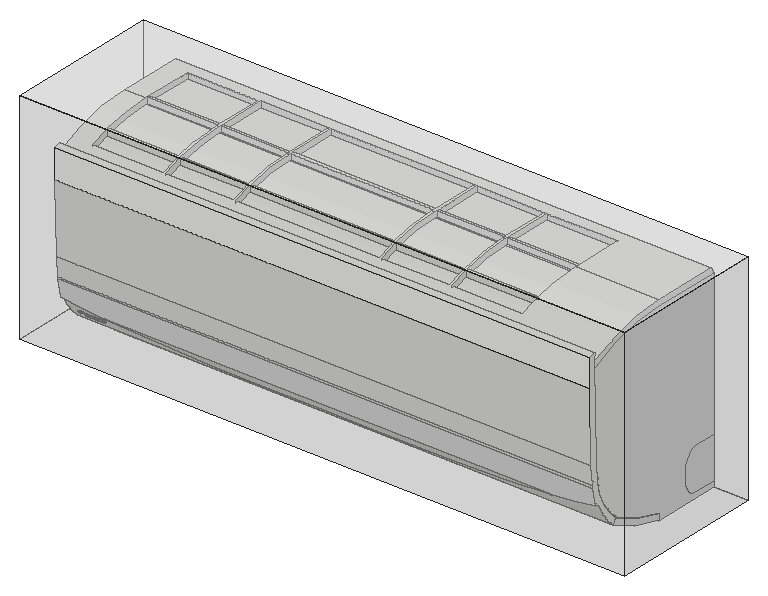
Revit family "outputfile", category 機械設備, Revit 2024
Family settings
  丸型コネクタ寸法 = 半径を使用
  パーツ タイプ = 標準
  OmniClass 番号 = 23.75.10.24.21.27.27
  OmniClass タイトル = Split System Air Conditioning Units
  作業面ベース = いいえ
  常に垂直 = はい
  ロード時にボイドで切り取り = いいえ
  注釈の向きを維持 = いいえ
  共有 = いいえ
  部屋計算ポイント = いいえ
Parameters (values of type "CTKC25WVMG")
  Description = ""
  書き出し IFC クラス(タイプ) = "IfcUnitaryEquipmentType"
  定義済み IFC タイプ(タイプ) = "AIRCONDITIONINGUNIT"
  Cost = 0
  Type Comments = ""
  Keynote = ""
  Type Image = (empty or 0)
  Assembly Code = ""
  w_wall hole = if(Width = 770.0 mm, 48.0 mm, 60.0 mm)  # 48.0 mm
  switch_frequency = yes
  h_liquidpipe_length = if(Width = 770.0 mm, 50.0 mm, 40.0 mm)  # 50.0 mm
  h_gaspipe_length = if(Width = 770.0 mm, 40.0 mm, 50.0 mm)  # 40.0 mm
  製造元 = "Daikin"
  モデル = "CTKC25WVMG"
  r_Liquid Pipe Size = Liquid Pipe Size / 2  # 3.2 mm
  r_Gas Pipe Size = Gas Pipe Size / 2  # 4.75 mm
  r_Drain Pipe Size = Drain Pipe Size / 2  # 8.0 mm
  lw_powersupply [instance] = if(Width = 770.0 mm, if(or(Rear Right Connection_refrigerant, Bottom Right Connection_refrigerant), 25.0 mm, if(or(Rear Left Connection_refrigerant, Bottom Left Connection_refrigerant), 745.0 mm, 400.0 mm)), if(Width = 990.0 mm, if(or(Rear Right Connection_refrigerant, Bottom Right Connection_refrigerant), 40.0 mm, if(or(Rear Left Connection_refrigerant, Bottom Left Connection_refrigerant), 920.0 mm, 400.0 mm)), if(or(Rear Right Connection_refrigerant, Bottom Right Connection_refrigerant), 40.0 mm, if(or(Rear Left Connection_refrigerant, Bottom Left Connection_refrigerant), 920.0 mm, 400.0 mm))))  # 400.0 mm
  lw_liquidpipe [instance] = if(Width = 770.0 mm, if(or(Rear Right Connection_refrigerant, Bottom Right Connection_refrigerant), 0.0 mm, if(or(Rear Left Connection_refrigerant, Bottom Left Connection_refrigerant), 664.0 mm, 385.0 mm)), if(Width = 990.0 mm, if(or(Rear Right Connection_refrigerant, Bottom Right Connection_refrigerant), 0.0 mm, if(or(Rear Left Connection_refrigerant, Bottom Left Connection_refrigerant), 664.0 mm + (990.0 mm - 770.0 mm), 475.0 mm)), if(or(Rear Right Connection_refrigerant, Bottom Right Connection_refrigerant), 0.0 mm, if(or(Rear Left Connection_refrigerant, Bottom Left Connection_refrigerant), 664.0 mm + (990.0 mm - 770.0 mm), 475.0 mm))))  # 385.0 mm
  lw_gaspipe [instance] = if(Width = 770.0 mm, if(or(Rear Right Connection_refrigerant, Bottom Right Connection_refrigerant), 0.0 mm, if(or(Rear Left Connection_refrigerant, Bottom Left Connection_refrigerant), 675.0 mm, if(Gas Pipe Size = 12.7 mm, 345.0 mm, 335.0 mm))), if(Width = 990.0 mm, if(or(Rear Right Connection_refrigerant, Bottom Right Connection_refrigerant), 10.0 mm, if(or(Rear Left Connection_refrigerant, Bottom Left Connection_refrigerant), 890.0 mm, if(Gas Pipe Size = 15.9 mm, 410.0 mm, 400.0 mm))), if(or(Rear Right Connection_refrigerant, Bottom Right Connection_refrigerant), 10.0 mm, if(or(Rear Left Connection_refrigerant, Bottom Left Connection_refrigerant), 890.0 mm, if(Gas Pipe Size = 15.9 mm, 410.0 mm, 400.0 mm)))))  # 335.0 mm
  lw_drainpipe [instance] = if(Width = 770.0 mm, if(or(Rear Right Connection_refrigerant, Bottom Right Connection_refrigerant), 0.0 mm, if(or(Rear Left Connection_refrigerant, Bottom Left Connection_refrigerant), 770.0 mm - 48.0 mm - 48.0 mm, 440.0 mm)), if(Width = 990.0 mm, if(or(Rear Right Connection_refrigerant, Bottom Right Connection_refrigerant), 0.0 mm, if(or(Rear Left Connection_refrigerant, Bottom Left Connection_refrigerant), 675.0 mm + (990.0 mm - 770.0 mm), 435.0 mm)), if(or(Rear Right Connection_refrigerant, Bottom Right Connection_refrigerant), 0.0 mm, if(or(Rear Left Connection_refrigerant, Bottom Left Connection_refrigerant), 675.0 mm + (990.0 mm - 770.0 mm), 435.0 mm))))  # 440.0 mm
  l_powersupply_length [instance] = if(Width = 770.0 mm, if(Right Connection_refrigerant, 400.0 mm, if(Left Connection_refrigerant, 770.0 mm - 400.0 mm, if(or(Rear Left Connection_refrigerant, Rear Right Connection_refrigerant), 15.0 mm, 50.0 mm))), if(Width = 990.0 mm, if(Right Connection_refrigerant, 400.0 mm, if(Left Connection_refrigerant, 990.0 mm - 400.0 mm, if(or(Rear Left Connection_refrigerant, Rear Right Connection_refrigerant), 15.0 mm, 50.0 mm))), if(Right Connection_refrigerant, 400.0 mm, if(Left Connection_refrigerant, 990.0 mm - 400.0 mm, if(or(Rear Left Connection_refrigerant, Rear Right Connection_refrigerant), 15.0 mm, 50.0 mm)))))  # 400.0 mm
  l_liquidpipe_length [instance] = if(Width = 770.0 mm, if(Right Connection_refrigerant, 433.0 mm, if(Left Connection_refrigerant, 337.0 mm, if(or(Rear Left Connection_refrigerant, Rear Right Connection_refrigerant), 30.0 mm, 50.0 mm))), if(Width = 990.0 mm, if(Right Connection_refrigerant, 535.0 mm, if(Left Connection_refrigerant, 455.0 mm, if(or(Rear Left Connection_refrigerant, Rear Right Connection_refrigerant), 30.0 mm, 40.0 mm))), if(Right Connection_refrigerant, 535.0 mm, if(Left Connection_refrigerant, 455.0 mm, if(or(Rear Left Connection_refrigerant, Rear Right Connection_refrigerant), 30.0 mm, 40.0 mm)))))  # 433.0 mm
  l_gaspipe_length [instance] = if(Width = 770.0 mm, if(Right Connection_refrigerant, if(Gas Pipe Size = 12.7 mm, 393.0 mm, 383.0 mm), if(Left Connection_refrigerant, if(Gas Pipe Size = 12.7 mm, 770.0 mm - 393.0 mm, 770.0 mm - 383.0 mm), if(or(Rear Left Connection_refrigerant, Rear Right Connection_refrigerant), 40.0 mm, 40.0 mm))), if(Width = 990.0 mm, if(Right Connection_refrigerant, if(Gas Pipe Size = 15.9 mm, 470.0 mm, 460.0 mm), if(Left Connection_refrigerant, if(Gas Pipe Size = 15.9 mm, 990.0 mm - 470.0 mm, 990.0 mm - 460.0 mm), if(or(Rear Left Connection_refrigerant, Rear Right Connection_refrigerant), 40.0 mm, 50.0 mm))), if(Right Connection_refrigerant, if(Gas Pipe Size = 15.9 mm, 470.0 mm, 460.0 mm), if(Left Connection_refrigerant, if(Gas Pipe Size = 15.9 mm, 990.0 mm - 470.0 mm, 990.0 mm - 460.0 mm), if(or(Rear Left Connection_refrigerant, Rear Right Connection_refrigerant), 40.0 mm, 50.0 mm)))))  # 383.0 mm
  l_drainpipe_length [instance] = if(Width = 770.0 mm, if(Right Connection_refrigerant, 488.0 mm, if(Left Connection_refrigerant, 282.0 mm, if(or(Rear Left Connection_refrigerant, Rear Right Connection_refrigerant), 15.0 mm, 20.0 mm))), if(Width = 990.0 mm, if(Right Connection_refrigerant, 495.0 mm, if(Left Connection_refrigerant, 495.0 mm, if(or(Rear Left Connection_refrigerant, Rear Right Connection_refrigerant), 15.0 mm, 20.0 mm))), if(Right Connection_refrigerant, 495.0 mm, if(Left Connection_refrigerant, 495.0 mm, if(or(Rear Left Connection_refrigerant, Rear Right Connection_refrigerant), 15.0 mm, 20.0 mm)))))  # 488.0 mm
  h*** = 0.0 mm  # constant formula
  connector_voltage = Voltage_50Hz  # 230 V
  connector_powerinput = [Power Input (Cooling)]  # 20.200 kW
  connector_phase = Phase_50Hz  # 1
  angle_vertical [instance] = if(or(Bottom Left Connection_refrigerant, Bottom Right Connection_refrigerant), 0.00°, 90.00°)  # 90.00°
  angle_horizontal [instance] = if(Right Connection_refrigerant, 90.00°, if(Left Connection_refrigerant, -90.00°, if(or(Rear Left Connection_refrigerant, Rear Right Connection_refrigerant), 180.00°, 0.00°)))  # 90.00°
  Width = 770.0 mm
  Voltage_comment_50Hz = "220 - 240"
  Voltage_50Hz = 230 V
  Version = "ver.1.0"
  Unit Type = "Wall Mounted"
  Unit Mass Weight = 9.00 kg
  Unit Designation [instance] = ""
  Uniclass2015Version = "Products v1.30"
  Uniclass2015Title = "Split coil room air conditioning units"
  Uniclass2015Code = "Pr_70_65_03_86"
  URL = ""
  Total Cooling Capacity [instance] = 0.000 kW
  Sound Pressure Level_M speed (dBA) = 33
  Sound Pressure Level_L speed (dBA) = 25
  Sound Pressure Level_H speed (dBA) = 38
  Sound Power Level_H speed (dB) = 0
  Series = "Multi Split_Fan Coil Unit"
  Sensible Cooling Capacity [instance] = 0.000 kW
  Refrigerant Type = "R32"
  Power Input (Cooling) = 20.200 kW
  Phase_50Hz = 1
  Option Accessory 3 [instance] = ""
  Option Accessory 2 [instance] = ""
  Option Accessory 1 [instance] = ""
  Nominal Cooling Capacity = 2.500 kW
  Minimum Circuit Amps_50Hz = 0.0 A
  Minimum Airflow = 396.00 m³/h
  Median Airflow = 540.00 m³/h
  Maximum Fuse Amps_50Hz = 0.0 A
  Maximum Airflow = 660.00 m³/h
  Material_Casing = DAIKIN_White_Casing_indoorunit
  Load Classification = HVAC
  Liquid Pipe Size = 6.4 mm
  Link_Nested Family [instance] = ""
  IfcVersion = ""
  IfcExportType = "AIRCONDITIONINGUNIT"
  IfcExportAs = "IfcUnitaryEquipmentType"
  Height = 285.0 mm
  Heat Exchanger Type = "Cross Fin Coil"
  Gas Pipe Size = 9.5 mm
  Frequency_50Hz = 50 Hz
  Fan Type = "Cross Flow Fan"
  Fan Drive = "Direct Drive"
  FCU Tag No. [instance] = ""
  Drain Pipe Size = 16.0 mm
  Design Supply Airflow [instance] = 0.00 m³/h
  Depth = 223.0 mm
  既定の高さ = 0.0 mm
  Cooling Entering Wet Bulb Temperature [instance] = 0.00 °C
  Cooling Entering Dry Bulb Temperature [instance] = 0.00 °C
  Cooling Ambient Wet Bulb Temperature [instance] = 0.00 °C
  Cooling Ambient Dry Bulb Temperature [instance] = 0.00 °C
  Clearance visibility [instance] = yes
  Clearance Top = 30.0 mm
  Clearance Right = 50.0 mm
  Clearance Rear = 0.0 mm
  Clearance Left = 50.0 mm
  Clearance Front = 0.0 mm
  Clearance Bottom = 0.0 mm
  Bottom Right Connection_refrigerant [instance] = no
  Bottom Left Connection_refrigerant [instance] = no
  Rear Right Connection_refrigerant [instance] = no
  Rear Left Connection_refrigerant [instance] = no
  Right Connection_refrigerant [instance] = yes
  Left Connection_refrigerant [instance] = no
Reference planes
  plane 1 "Back": y = 0
  plane 2: z = 0
  plane 3 "Center (Left/Right)": x = 0
  plane 4 "Center (Front/Back)": y = -111.5
  plane 5 "Front": y = -223
  plane 6 "Left": x = -385
  plane 7 "Right": x = 385
  plane 8 "Top": z = 0
  plane 9 "Bottom": z = -285
  plane 10: x = -435
  plane 11: x = 435
  plane 12: y = 0
  plane 13: y = -223
  plane 14: z = 30
  plane 15: z = -285
  plane 16 "lw_Piping and Wiring intake": x = 337
  plane 17 "lw_gaspipe": x = 2
  plane 18 "lw_liquidpipe": x = -48
  plane 19 "lw_drainpipe": x = -103
  plane 20 "lh_drainpipe": z = -265
  plane 21 "lh_liquidpipe": z = -235
  plane 22 "lh_gaspipe": z = -245
  plane 23 "ld_drainpipe": y = -15
  plane 24 "ld_liquidpipe": y = -30
  plane 25 "ld_gaspipe": y = -40
  plane 26 "lw_powersupply": x = -15
  plane 27 "lh_powersupply": z = -235
Dimensions and locks
  equal spacing: plane 6 "Left", plane 3 "Center (Left/Right)", plane 7 "Right"
  "Width": plane 6 "Left" to plane 7 "Right"
  equal spacing: plane 5 "Front", plane 4 "Center (Front/Back)", plane 1 "Back"
  "Depth": plane 5 "Front" to plane 1 "Back"
  "Height": plane 8 "Top" to plane 9 "Bottom"
  "Clearance Rear": plane 12 to plane 1 "Back"
  "Clearance Front": plane 13 to plane 5 "Front"
  "Clearance Top": plane 14 to plane 8 "Top"
  "Clearance Bottom": plane 9 "Bottom" to plane 15
  "w_wall hole": plane 16 "lw_Piping and Wiring intake" to plane 7 "Right"
  "lw_gaspipe": plane 17 "lw_gaspipe" to plane 16 "lw_Piping and Wiring intake"
  "lw_liquidpipe": plane 18 "lw_liquidpipe" to plane 16 "lw_Piping and Wiring intake"
  "lw_drainpipe": plane 19 "lw_drainpipe" to plane 16 "lw_Piping and Wiring intake"
  locked: plane 20 "lh_drainpipe" to plane 9 "Bottom" at 20
  "h_liquidpipe_length": plane 21 "lh_liquidpipe" to plane 9 "Bottom"
  "h_gaspipe_length": plane 22 "lh_gaspipe" to plane 9 "Bottom"
  locked: plane 23 "ld_drainpipe" to plane 1 "Back" at 15
  locked: plane 1 "Back" to plane 24 "ld_liquidpipe" at 30
  locked: plane 1 "Back" to plane 25 "ld_gaspipe" at 40
  "lw_powersupply": plane 26 "lw_powersupply" to plane 7 "Right"
  "Clearance Right": plane 7 "Right" to plane 11
  "Clearance Left": plane 10 to plane 6 "Left"
  locked: plane 27 "lh_powersupply" to plane 9 "Bottom" at 50
  aligned and locked: level to plane 2
  aligned and locked: plane 12 to nested 1
  aligned and locked: nested 1 to plane 13
  aligned and locked: plane 10 to nested 1
  aligned and locked: plane 11 to nested 1
  aligned and locked: plane 15 to nested 1
  aligned and locked: plane 14 to nested 1
  aligned and locked: plane 17 "lw_gaspipe" to nested 2
  aligned and locked: nested 2 to plane 25 "ld_gaspipe"
  aligned and locked: plane 18 "lw_liquidpipe" to nested 3
  aligned and locked: nested 3 to plane 24 "ld_liquidpipe"
  aligned and locked: plane 19 "lw_drainpipe" to nested 4
  aligned and locked: nested 4 to plane 23 "ld_drainpipe"
  aligned and locked: nested 5 to plane 23 "ld_drainpipe"
  aligned and locked: plane 26 "lw_powersupply" to nested 5
  aligned and locked: level to plane 8 "Top"
  aligned and locked: plane 3 "Center (Left/Right)" to nested 6
  aligned and locked: plane 1 "Back" to nested 6
  aligned and locked: plane 8 "Top" to nested 6
Nested families
  nested 1: "daikin_clearancespace" at (0, -111.5, -127.381), show <- "Clearance visibility", visible <- "Clearance visibility", Link_Nested Family <- "Link_Nested Family", type "daikin_clearancespace"
    with width 870.0 mm, show yes, height 315.0 mm, depth 223.0 mm, Link_Nested Family ""
  nested 2: "daikin_connector_rotate3" at (2, -40, -245), angle_vertical <- "angle_vertical", angle_horizontal <- "angle_horizontal", length <- "l_gaspipe_length", radius <- "r_Gas Pipe Size", type "daikin_connector_rotate3"
    with show no, radius 4.75 mm, length 383.0 mm, angle_vertical 90.00°, angle_horizontal 90.00°
  nested 3: "daikin_connector_rotate3" at (-48, -30, -235), angle_vertical <- "angle_vertical", angle_horizontal <- "angle_horizontal", radius <- "r_Liquid Pipe Size", length <- "l_liquidpipe_length", type "daikin_connector_rotate3"
    with show no, radius 3.2 mm, length 433.0 mm, angle_vertical 90.00°, angle_horizontal 90.00°
  nested 4: "daikin_connector_rotate3" at (-103, -15, -265), angle_vertical <- "angle_vertical", angle_horizontal <- "angle_horizontal", length <- "l_drainpipe_length", radius <- "r_Drain Pipe Size", type "daikin_connector_rotate3"
    with show no, radius 8.0 mm, length 488.0 mm, angle_vertical 90.00°, angle_horizontal 90.00°
  nested 5: "daikin_connector_rotate3" at (-15, -15, -235), angle_vertical <- "angle_vertical", angle_horizontal <- "angle_horizontal", length <- "l_powersupply_length", type "daikin_connector_rotate3"
    with show no, radius 10.0 mm, length 400.0 mm, angle_vertical 90.00°, angle_horizontal 90.00°
  nested 6: "DAIKIN_indoorunit_CTKC-WVMG" at (-31, 0, 0), type "CTKC-WVMG"
Connectors
  piping at (385, -40, -245), diameter 9.5, driven by "r_Gas Pipe Size"
    settings: on nested 2, index 1, connector inside diameter 609.6 mm, connector length 0.0 mm, flow factor 0, pipe flow 0.00 m³/h, pressure drop 0.0 Pa, fitting loss kfactor 0, connector angle 0.00°, fixture units 0, engagement length 0.0 mm, angle of deflection 0.00°, flow configuration 1, flow direction 2, fitting loss method 0, system type 29, joint type 0, gender type 0, connector reference index -1, connector utility 0, adjustable connector no, is connector primary yes, connector description "Refrigerant Gas Piping"
  piping at (385, -30, -235), diameter 6.4, driven by "r_Liquid Pipe Size"
    settings: on nested 3, index 2, connector inside diameter 609.6 mm, connector length 0.0 mm, flow factor 0, pipe flow 0.00 m³/h, pressure drop 0.0 Pa, fitting loss kfactor 0, connector angle 0.00°, fixture units 0, engagement length 0.0 mm, angle of deflection 0.00°, flow configuration 1, flow direction 1, fitting loss method 0, system type 29, joint type 0, gender type 0, connector reference index -1, connector utility 0, adjustable connector no, is connector primary no, connector description "Refrigerant Liquid Piping"
  piping at (385, -15, -265), diameter 16, driven by "r_Drain Pipe Size"
    settings: on nested 4, index 3, connector inside diameter 609.6 mm, connector length 0.0 mm, flow factor 0, pipe flow 0.00 m³/h, pressure drop 0.0 Pa, fitting loss kfactor 0, connector angle 0.00°, fixture units 0, engagement length 0.0 mm, angle of deflection 0.00°, flow configuration 1, flow direction 2, fitting loss method 4, system type 16, joint type 0, gender type 0, connector reference index -1, connector utility 0, adjustable connector no, is connector primary no, connector description "Condensate Drain Piping"
  electrical at (385, -15, -235), driven by "Load Classification", driven by "connector_voltage", driven by "connector_powerinput", driven by "connector_phase"
    settings: on nested 5, index 4, voltage 230 V, apparent load 20200 VA, apparent load phase1 0 VA, apparent load phase2 0 VA, apparent load phase3 0 VA, power factor 1, load classification "HVAC", number of poles 1, system type 30, power factor state 1, is connector primary yes, connector utility no, sub classification motor no, connector description "Power Supply"
Definition of nested family "daikin_clearancespace"
  Parameters (values of type "daikin_clearancespace")
    Description = "daikin_clearancespace"
    width [instance] = 1823.963 mm
    show [instance] = yes
    material = none
    height [instance] = 1359.762 mm
    depth [instance] = 880.0 mm
    Default Elevation = 0.0 mm
    Link_Nested Family [instance] = ""
  Reference planes
    plane 1 "Center (Front/Back)": y = 0
    plane 2 "Center (Elevation)": z = -0.119
    plane 3 "Center (Left/Right)": x = 0
    plane 4: y = 440
    plane 5: y = -440
    plane 6 "Right": x = 911.982
    plane 7 "Left": x = -911.982
    plane 8 "Top": z = 679.762
    plane 9 "Bottom": z = -680
  Forms (mm)
    Extrusion 1, solid, material <- "material", visible <- "show"
      sketch origin (0, 0, 0) x (1, 0, 0) y (0, 1, 0)
        loop
          line (-911.982, 440) -> (-911.982, -440) -> (911.982, -440) -> (911.982, 440) -> (-911.982, 440)
      from -680 to 679.762
  Lines and regions (mm)
    symbolic lines, visible <- "show"
      curve 1: line (911.982, 440, 0) -> (-911.982, 440, 0)
      curve 2: line (-911.982, 440, 0) -> (-911.982, -440, 0)
      curve 3: line (-911.982, -440, 0) -> (911.982, -440, 0)
      curve 4: line (911.982, -440, 0) -> (911.982, 440, 0)
      curve 5: line (911.982, 0, 679.762) -> (-911.982, 0, 679.762)
      curve 6: line (911.982, 0, -680) -> (911.982, 0, 679.762)
      curve 7: line (-911.982, 0, -680) -> (911.982, 0, -680)
      curve 8: line (-911.982, 0, 679.762) -> (-911.982, 0, -680)
      curve 9: line (0, 440, 679.762) -> (0, -440, 679.762)
      curve 10: line (0, -440, 679.762) -> (0, -440, -680)
      curve 11: line (0, 440, -680) -> (0, 440, 679.762)
      curve 12: line (0, -440, -680) -> (0, 440, -680)
  Dimensions and locks
    "width": plane 7 "Left" to plane 6 "Right"
    "depth": plane 4 to plane 5
    "height": plane 8 "Top" to plane 9 "Bottom"
    equal spacing: plane 7 "Left", plane 3 "Center (Left/Right)", plane 6 "Right"
    equal spacing: plane 4, plane 1 "Center (Front/Back)", plane 5
    equal spacing: plane 8 "Top", plane 2 "Center (Elevation)", plane 9 "Bottom"
    aligned and locked: level to plane 2 "Center (Elevation)"
    aligned and locked: Extrusion 1 sketch curve to plane 4
    aligned and locked: plane 7 "Left" to Extrusion 1 sketch curve
    aligned and locked: Extrusion 1 sketch curve to plane 5
    aligned and locked: Extrusion 1 sketch curve to plane 6 "Right"
    aligned and locked: plane 8 "Top" to Extrusion 1
    aligned and locked: curve 1 to Extrusion 1
    aligned and locked: curve 2 to Extrusion 1
    aligned and locked: curve 3 to Extrusion 1
    aligned and locked: curve 4 to Extrusion 1
    aligned and locked: curve 5 to Extrusion 1
    aligned and locked: curve 6 to Extrusion 1
    aligned and locked: curve 7 to Extrusion 1
    aligned and locked: curve 8 to Extrusion 1
    aligned and locked: curve 9 to Extrusion 1
    aligned and locked: curve 10 to Extrusion 1
    aligned and locked: curve 11 to Extrusion 1
    aligned and locked: curve 12 to Extrusion 1
    aligned and locked: Extrusion 1 to plane 9 "Bottom"
Definition of nested family "DAIKIN_indoorunit_CTKC-WVMG"
  Parameters (values of type "FTKM-QVMA")
    switch_unit1_50-71 = Width = 990.0 mm  # no
    switch_unit1_20-46 = Width = 770.0 mm  # yes
    Width = 770.0 mm
    WALL HOLE-R = if(Width = 770.0 mm, 48.0 mm, 60.0 mm)  # 48.0 mm
    WALL HOLE Size = if(Width = 770.0 mm, 65.0 mm, 80.0 mm)  # 65.0 mm
    Material_Casing = none
    Height = if(Width = 770.0 mm, 285.0 mm, 295.0 mm)  # 285.0 mm
    Default Elevation = 0.0 mm
  Reference planes
    plane 1 "Center (Front/Back)": y = 0
    plane 2 "reference_level": z = 0
    plane 3 "Center (Left/Right)": x = 31
    plane 4: x = -354
    plane 5: x = 416
    plane 6: z = -285
  Forms (mm)
    Extrusion 1, solid, material <- "Material_Casing", visible <- "switch_unit1_20-46"
      sketch origin (29, 0, 0) x (0, 1, 0) y (0, 0, 1)
        loop
          line (-5, 0) -> (-98, 0)
          arc (-98, 0) -> (-157.611, -7.211) -> (-213.783, -28.427) r 250
          arc (-213.783, -28.427) -> (-213.842, -32.972) -> (-213.892, -37.516) r 2191
          arc (-213.892, -37.516) -> (-157.832, -15.495) -> (-98.07, -8) r 242
          line (-98.07, -8) -> (0, -8) -> (-5, 0)
      from -383 to 387
    Extrusion 2, solid, material <- "Material_Casing", visible <- "switch_unit1_20-46"
      sketch origin (416, 1296.25, 1200) x (0, 1, 0) y (0, 0, 1)
        loop
          line (-1472.998, -1446.91) -> (-1476.998, -1453.839)
          arc (-1476.998, -1453.839) -> (-1437.481, -1472.422) -> (-1395.25, -1483.538) r 240
          line (-1395.25, -1483.538) -> (-1395.25, -1475.422)
          arc (-1395.25, -1475.422) -> (-1435.407, -1464.663) -> (-1472.998, -1446.91) r 232
      from 0 to -47.5
    Extrusion 3, solid, material <- "Material_Casing", visible <- "switch_unit1_20-46"
      sketch origin (29, 0, 0) x (0, 1, 0) y (0, 0, 1)
        loop
          arc (-223, -60.455) -> (-222.414, -110.646) -> (-220.656, -160.81) r 2149.92
          arc (-220.656, -160.81) -> (-219.65, -174.299) -> (-217.853, -187.706) r 229.911
          arc (-217.853, -187.706) -> (-205.371, -223.594) -> (-181.517, -253.17) r 111
          line (-181.517, -253.17) -> (-177.429, -246.093)
          arc (-177.429, -246.093) -> (-198.77, -218.989) -> (-209.965, -186.36) r 103
          arc (-209.965, -186.36) -> (-211.681, -173.586) -> (-212.651, -160.735) r 221.844
          arc (-212.651, -160.735) -> (-214.739, -93.233) -> (-214.74, -25.699) r 2186.828
          arc (-214.74, -25.699) -> (-214.671, -21.467) -> (-214.594, -17.235) r 2192
          line (-214.594, -17.235) -> (-223, -19.961) -> (-223, -60.455)
      from -383 to 387
    Extrusion 4, solid, material <- "Material_Casing", visible <- "switch_unit1_20-46"
      sketch origin (29, 0, 0) x (0, 1, 0) y (0, 0, 1)
        loop
          line (-181.517, -253.17) -> (-179.597, -249.846)
          arc (-179.597, -249.846) -> (-202.009, -221.399) -> (-213.189, -186.952) r 103
          line (-213.189, -186.952) -> (-217.853, -187.706)
          arc (-217.853, -187.706) -> (-217.533, -189.556) -> (-217.182, -191.4) r 111
          arc (-217.182, -191.4) -> (-213.806, -208.181) -> (-210.362, -224.948) r 4257.809
          arc (-210.362, -224.948) -> (-198.886, -237.857) -> (-186.225, -249.607) r 180
          line (-186.225, -249.607) -> (-181.517, -253.17)
      from -383 to 387
    Extrusion 5, solid, material <- "Material_Casing", visible <- "switch_unit1_20-46"
      sketch origin (29, 0, -20) x (0, 1, 0) y (0, 0, 1)
        loop
          line (0, -265) -> (0, 12) -> (-98.07, 12)
          arc (-98.07, 12) -> (-157.832, 4.505) -> (-213.892, -17.516) r 242
          arc (-213.892, -17.516) -> (-213.638, -79.114) -> (-211.653, -140.681) r 2191
          arc (-211.653, -140.681) -> (-210.685, -153.501) -> (-208.973, -166.243) r 221
          arc (-208.973, -166.243) -> (-197.471, -199.282) -> (-175.482, -226.491) r 102
          arc (-175.482, -226.491) -> (-138.004, -244.019) -> (-98, -254.579) r 231
          line (-98, -254.579) -> (-98, -265) -> (0, -265)
      from -383 to 387
    Extrusion 6, solid, material <- "Material_Casing", visible <- "switch_unit1_20-46"
      sketch origin (-354, 1296.25, 1200) x (0, 1, 0) y (0, 0, 1)
        loop
          line (-1472.998, -1446.91) -> (-1476.998, -1453.839)
          arc (-1476.998, -1453.839) -> (-1437.481, -1472.422) -> (-1395.25, -1483.538) r 240
          line (-1395.25, -1483.538) -> (-1395.25, -1475.422)
          arc (-1395.25, -1475.422) -> (-1435.407, -1464.663) -> (-1472.998, -1446.91) r 232
      from 47 to 0
    Extrusion 7, solid, material <- "Material_Casing", visible <- "switch_unit1_20-46"
      sketch origin (416, 1296.25, 1200) x (0, 1, 0) y (0, 0, 1)
        loop
          line (-1472.998, -1446.91) -> (-1476.998, -1453.839)
          arc (-1476.998, -1453.839) -> (-1443.437, -1470.168) -> (-1407.75, -1481.097) r 240
          line (-1407.75, -1481.097) -> (-1407.75, -1472.894)
          arc (-1407.75, -1472.894) -> (-1441.363, -1462.385) -> (-1472.998, -1446.91) r 232
      from -116.993 to -48.493
    Extrusion 8, solid, material <- "Material_Casing", visible <- "switch_unit1_20-46"
      sketch origin (416, 1296.25, 1200) x (0, 1, 0) y (0, 0, 1)
        loop
          line (-1472.998, -1446.91) -> (-1476.998, -1453.839)
          arc (-1476.998, -1453.839) -> (-1443.437, -1470.168) -> (-1407.75, -1481.097) r 240
          line (-1407.75, -1481.097) -> (-1407.75, -1472.894)
          arc (-1407.75, -1472.894) -> (-1441.363, -1462.385) -> (-1472.998, -1446.91) r 232
      from -717 to -121.993
    Extrusion 9, void
      sketch origin (31, 0, -235) x (1, 0, 0) y (0, 1, 0)
        loop
          line (-252.674, -22.316) -> (-354.941, -22.316) -> (-354.941, -91.341) -> (-252.674, -91.341) -> (-252.674, -22.316)
        loop
          line (-249.341, -91.341) -> (-151.574, -91.341) -> (-151.574, -22.316) -> (-249.341, -22.316) -> (-249.341, -91.341)
        loop
          line (58.309, -22.316) -> (-148.309, -22.316) -> (-148.309, -91.341) -> (58.309, -91.341) -> (58.309, -22.316)
        loop
          line (61.689, -22.316) -> (61.689, -91.341) -> (159.457, -91.341) -> (159.457, -22.316) -> (61.689, -22.316)
        loop
          line (162.789, -22.316) -> (162.789, -91.341) -> (265.057, -91.341) -> (265.057, -22.316) -> (162.789, -22.316)
        loop
          line (-354.941, -94.659) -> (-354.941, -165.259) -> (-252.674, -165.259) -> (-252.674, -94.659) -> (-354.941, -94.659)
        loop
          line (-249.341, -94.659) -> (-249.341, -165.259) -> (-151.574, -165.259) -> (-151.574, -94.659) -> (-249.341, -94.659)
        loop
          line (-148.309, -94.659) -> (-148.309, -165.259) -> (58.309, -165.259) -> (58.309, -94.659) -> (-148.309, -94.659)
        loop
          line (61.689, -94.659) -> (61.689, -165.259) -> (159.457, -165.259) -> (159.457, -94.659) -> (61.689, -94.659)
        loop
          line (162.789, -94.659) -> (162.789, -165.259) -> (265.057, -165.259) -> (265.057, -94.659) -> (162.789, -94.659)
        loop
          line (-354.941, -167.382) -> (-354.941, -192.681) -> (-252.674, -192.681) -> (-252.674, -167.382) -> (-354.941, -167.382)
        loop
          line (-249.341, -167.382) -> (-249.341, -192.681) -> (-151.574, -192.681) -> (-151.574, -167.382) -> (-249.341, -167.382)
        loop
          line (-148.309, -167.382) -> (-148.309, -192.681) -> (58.309, -192.681) -> (58.309, -167.382) -> (-148.309, -167.382)
        loop
          line (159.457, -167.382) -> (61.689, -167.382) -> (61.689, -192.681) -> (159.457, -192.681) -> (159.457, -167.382)
        loop
          line (265.057, -167.382) -> (162.789, -167.382) -> (162.789, -192.681) -> (265.057, -192.681) -> (265.057, -167.382)
      from 201.638 to 250
    Extrusion 10, void
      sketch origin (31, 0, 0) x (1, 0, 0) y (0, 0, 1)
        loop
          arc (597, -174.907) -> (0.056, -245.263) -> (-597, -175.856) r 2585.042
          line (-597, -175.856) -> (-597, -352.872) -> (597, -352.872) -> (597, -174.907)
      from 173 to 315.3
    Extrusion 11, solid, material <- "Material_Casing"
      sketch origin (31, 0, 0) x (1, 0, 0) y (0, 0, 1)
        loop
          circle (337, -240.5) r 32.5
        loop
          circle (-337, -240.5) r 32.5
      from 0 to 5
    Extrusion 12, solid, material <- "Material_Casing", visible <- "switch_unit1_20-46"
      sketch origin (416, 1296.25, 1200) x (0, -1, 0) y (0, 0, 1)
        loop
          line (1326.25, -1417) -> (1296.25, -1417) -> (1296.25, -1477) -> (1326.25, -1477)
          arc (1326.25, -1477) -> (1340.393, -1471.142) -> (1346.25, -1457) r 20
          line (1346.25, -1457) -> (1346.25, -1437)
          arc (1346.25, -1437) -> (1340.393, -1422.858) -> (1326.25, -1417) r 20
      from 0 to 5
    Extrusion 13, solid, material <- "Material_Casing", visible <- "switch_unit1_20-46"
      sketch origin (-354, 1296.25, 1200) x (0, 1, 0) y (0, 0, 1)
        loop
          line (-1296.25, -1417) -> (-1326.25, -1417)
          arc (-1326.25, -1417) -> (-1340.393, -1422.858) -> (-1346.25, -1437) r 20
          line (-1346.25, -1437) -> (-1346.25, -1457)
          arc (-1346.25, -1457) -> (-1340.393, -1471.142) -> (-1326.25, -1477) r 20
          line (-1326.25, -1477) -> (-1296.25, -1477) -> (-1296.25, -1417)
      from 0 to 5
    Extrusion 14, solid, material <- "Material_Casing", visible <- "switch_unit1_20-46"
      sketch origin (31, 0, -285) x (-1, 0, 0) y (0, -1, 0)
        loop
          line (-314, 0) -> (-314, 30)
          arc (-314, 30) -> (-319.858, 44.142) -> (-334, 50) r 20
          line (-334, 50) -> (-354, 50)
          arc (-354, 50) -> (-368.142, 44.142) -> (-374, 30) r 20
          line (-374, 30) -> (-374, 0) -> (-314, 0)
        loop
          line (374, 0) -> (374, 30)
          arc (374, 30) -> (368.142, 44.142) -> (354, 50) r 20
          line (354, 50) -> (334, 50)
          arc (334, 50) -> (319.858, 44.142) -> (314, 30) r 20
          line (314, 30) -> (314, 0) -> (374, 0)
      from 0 to 5
    Extrusion 15, solid, material <- "Material_Casing", visible <- "switch_unit1_50-71"
      sketch origin (31, 0, 0) x (0, 1, 0) y (0, 0, 1)
        loop
          line (-5, 0) -> (-138, 0)
          arc (-138, 0) -> (-197.611, -7.211) -> (-253.783, -28.427) r 250
          arc (-253.783, -28.427) -> (-253.838, -32.687) -> (-253.886, -36.946) r 2191
          arc (-253.886, -36.946) -> (-197.73, -15.346) -> (-138.014, -8) r 246.393
          line (-138.014, -8) -> (0, -8) -> (-5, 0)
      from -495 to 495
    Extrusion 16, solid, material <- "Material_Casing", visible <- "switch_unit1_50-71"
      sketch origin (418, 1296.25, 1200) x (0, 1, 0) y (0, 0, 1)
        loop
          arc (-1515.208, -1454.149) -> (-1506.856, -1460.599) -> (-1497.925, -1466.219) r 110
          arc (-1497.925, -1466.219) -> (-1445.718, -1487.493) -> (-1389.844, -1494.995) r 223
          line (-1389.844, -1494.995) -> (-1389.844, -1486.086) -> (-1404.386, -1486.086)
          arc (-1404.386, -1486.086) -> (-1449.542, -1477.46) -> (-1491.818, -1459.402) r 214.289
          arc (-1491.818, -1459.402) -> (-1501.056, -1453.541) -> (-1509.606, -1446.715) r 101
          line (-1509.606, -1446.715) -> (-1515.208, -1454.149)
      from 108 to 57.5
    Extrusion 17, solid, material <- "Material_Casing", visible <- "switch_unit1_50-71"
      sketch origin (31, 0, 0) x (0, 1, 0) y (0, 0, 1)
        loop
          line (-263, -19.962) -> (-263, -61.6)
          arc (-263, -61.6) -> (-262.414, -110.219) -> (-260.656, -158.81) r 2017.341
          arc (-260.656, -158.81) -> (-255.648, -191.935) -> (-244.041, -223.362) r 164.725
          arc (-244.041, -223.362) -> (-233.569, -239.793) -> (-219.717, -253.495) r 87.379
          line (-219.717, -253.495) -> (-214.706, -246.846)
          arc (-214.706, -246.846) -> (-229.564, -230.029) -> (-240.385, -210.371) r 102
          arc (-240.385, -210.371) -> (-249.049, -182.962) -> (-252.848, -154.467) r 165.789
          arc (-252.848, -154.467) -> (-254.771, -90.102) -> (-254.74, -25.708) r 2122.533
          arc (-254.74, -25.708) -> (-254.671, -21.469) -> (-254.594, -17.23) r 2192
          line (-254.594, -17.23) -> (-263, -19.962)
      from -495 to 495
    Extrusion 18, void
      sketch origin (33, 0, 0) x (1, 0, 0) y (0, 1, 0)
        loop
          line (-466.909, -22.316) -> (-466.909, -111.341) -> (-366.303, -111.341) -> (-366.303, -22.316) -> (-466.909, -22.316)
        loop
          line (-362.71, -22.316) -> (-362.71, -111.341) -> (-262.103, -111.341) -> (-262.103, -22.316) -> (-362.71, -22.316)
        loop
          line (-258.51, -22.316) -> (-258.51, -111.341) -> (-157.904, -111.341) -> (-157.904, -22.316) -> (-258.51, -22.316)
        loop
          line (-154.31, -22.316) -> (-154.31, -111.341) -> (-53.704, -111.341) -> (-53.704, -22.316) -> (-154.31, -22.316)
        loop
          line (-50.11, -22.316) -> (-50.11, -111.341) -> (50.496, -111.341) -> (50.496, -22.316) -> (-50.11, -22.316)
        loop
          line (54.089, -22.316) -> (54.089, -111.341) -> (154.696, -111.341) -> (154.696, -22.316) -> (54.089, -22.316)
        loop
          line (158.289, -22.316) -> (158.289, -111.341) -> (258.895, -111.341) -> (258.895, -22.316) -> (158.289, -22.316)
        loop
          line (262.489, -22.316) -> (262.489, -111.341) -> (363.095, -111.341) -> (363.095, -22.316) -> (262.489, -22.316)
        loop
          line (-466.909, -114.459) -> (-466.909, -185.059) -> (-366.303, -185.059) -> (-366.303, -114.459) -> (-466.909, -114.459)
        loop
          line (-362.71, -114.459) -> (-362.71, -185.059) -> (-262.103, -185.059) -> (-262.103, -114.459) -> (-362.71, -114.459)
        loop
          line (-258.51, -114.459) -> (-258.51, -185.059) -> (-157.904, -185.059) -> (-157.904, -114.459) -> (-258.51, -114.459)
        loop
          line (-154.31, -114.459) -> (-154.31, -185.059) -> (-53.704, -185.059) -> (-53.704, -114.459) -> (-154.31, -114.459)
        loop
          line (-50.11, -114.459) -> (-50.11, -185.059) -> (50.496, -185.059) -> (50.496, -114.459) -> (-50.11, -114.459)
        loop
          line (54.089, -114.459) -> (54.089, -185.059) -> (154.696, -185.059) -> (154.696, -114.459) -> (54.089, -114.459)
        loop
          line (158.289, -114.459) -> (158.289, -185.059) -> (258.895, -185.059) -> (258.895, -114.459) -> (158.289, -114.459)
        loop
          line (262.489, -114.459) -> (262.489, -185.059) -> (363.095, -185.059) -> (363.095, -114.459) -> (262.489, -114.459)
        loop
          line (-466.909, -187.382) -> (-466.909, -232.681) -> (-366.303, -232.681) -> (-366.303, -187.382) -> (-466.909, -187.382)
        loop
          line (-362.71, -187.382) -> (-362.71, -232.681) -> (-262.103, -232.681) -> (-262.103, -187.382) -> (-362.71, -187.382)
        loop
          line (-258.51, -187.382) -> (-258.51, -232.681) -> (-157.904, -232.681) -> (-157.904, -187.382) -> (-258.51, -187.382)
        loop
          line (-154.31, -187.382) -> (-154.31, -232.681) -> (-53.704, -232.681) -> (-53.704, -187.382) -> (-154.31, -187.382)
        loop
          line (-50.11, -187.382) -> (-50.11, -232.681) -> (50.496, -232.681) -> (50.496, -187.382) -> (-50.11, -187.382)
        loop
          line (54.089, -187.382) -> (54.089, -232.681) -> (154.696, -232.681) -> (154.696, -187.382) -> (54.089, -187.382)
        loop
          line (158.289, -187.382) -> (158.289, -232.681) -> (258.895, -232.681) -> (258.895, -187.382) -> (158.289, -187.382)
        loop
          line (262.489, -187.382) -> (262.489, -232.681) -> (363.095, -232.681) -> (363.095, -187.382) -> (262.489, -187.382)
      from -40.013 to 47.268
    Extrusion 19, void
      sketch origin (33, 0, 2300) x (1, 0, 0) y (0, 0, 1)
        loop
          line (705, -2672.872) -> (705, -2462.4)
          arc (705, -2462.4) -> (-2.043, -2534.819) -> (-709, -2461.567) r 3467.757
          line (-709, -2461.567) -> (-709, -2672.872) -> (705, -2672.872)
      from 173 to 315.3
    Extrusion 20, solid, material <- "Material_Casing", visible <- "switch_unit1_50-71"
      sketch origin (-356, 1296.25, 1200) x (0, 1, 0) y (0, 0, -1)
        loop
          line (-1515.208, 1454.149) -> (-1509.606, 1446.715)
          arc (-1509.606, 1446.715) -> (-1501.056, 1453.541) -> (-1491.818, 1459.402) r 101
          arc (-1491.818, 1459.402) -> (-1449.542, 1477.46) -> (-1404.386, 1486.086) r 214.289
          line (-1404.386, 1486.086) -> (-1389.844, 1486.086) -> (-1389.844, 1494.995)
          arc (-1389.844, 1494.995) -> (-1445.718, 1487.493) -> (-1497.925, 1466.219) r 223
          arc (-1497.925, 1466.219) -> (-1506.856, 1460.599) -> (-1515.208, 1454.149) r 110
      from 108 to 61
    Extrusion 21, solid, material <- "Material_Casing", visible <- "switch_unit1_50-71"
      sketch origin (418, 1296.25, 1200) x (0, 1, 0) y (0, 0, 1)
        loop
          arc (-1515.208, -1454.149) -> (-1506.856, -1460.599) -> (-1497.925, -1466.219) r 110
          arc (-1497.925, -1466.219) -> (-1463.185, -1482.066) -> (-1426.25, -1491.755) r 223
          line (-1426.25, -1491.755) -> (-1426.25, -1483.166)
          arc (-1426.25, -1483.166) -> (-1460.008, -1473.969) -> (-1491.818, -1459.402) r 214.289
          arc (-1491.818, -1459.402) -> (-1501.056, -1453.541) -> (-1509.606, -1446.715) r 101
          line (-1509.606, -1446.715) -> (-1515.208, -1454.149)
      from 56.5 to -36.993
    Extrusion 22, solid, material <- "Material_Casing", visible <- "switch_unit1_50-71"
      sketch origin (418, 1296.25, 1200) x (0, 1, 0) y (0, 0, 1)
        loop
          arc (-1426.25, -1483.166) -> (-1443.442, -1479.224) -> (-1460.25, -1473.881) r 214.289
          line (-1460.25, -1473.881) -> (-1460.25, -1483.089)
          arc (-1460.25, -1483.089) -> (-1443.421, -1488.091) -> (-1426.25, -1491.755) r 223
          line (-1426.25, -1491.755) -> (-1426.25, -1483.166)
      from -43.493 to -828.893
    Extrusion 23, solid, material <- "Material_Casing", visible <- "switch_unit1_50-71"
      sketch origin (418, 1296.25, 1200) x (0, 1, 0) y (0, 0, 1)
        loop
          arc (-1515.208, -1454.149) -> (-1506.856, -1460.599) -> (-1497.925, -1466.219) r 110
          arc (-1497.925, -1466.219) -> (-1479.479, -1475.527) -> (-1460.25, -1483.089) r 223
          line (-1460.25, -1483.089) -> (-1460.25, -1473.881)
          arc (-1460.25, -1473.881) -> (-1476.328, -1467.282) -> (-1491.818, -1459.402) r 214.289
          arc (-1491.818, -1459.402) -> (-1501.056, -1453.541) -> (-1509.606, -1446.715) r 101
          line (-1509.606, -1446.715) -> (-1515.208, -1454.149)
      from -43.493 to -828.893
    Extrusion 24, solid, material <- "Material_Casing", visible <- "switch_unit1_50-71"
      sketch origin (31, 0, 0) x (0, 1, 0) y (0, 0, 1)
        loop
          arc (-217.78, -250.924) -> (-234.088, -233.307) -> (-245.826, -212.366) r 102
          arc (-245.826, -212.366) -> (-251.608, -196.062) -> (-255.659, -179.245) r 165.789
          line (-255.659, -179.245) -> (-258.299, -179.737)
          arc (-258.299, -179.737) -> (-257.524, -183.799) -> (-256.646, -187.84) r 164.725
          arc (-256.646, -187.84) -> (-252.868, -206.25) -> (-249.973, -224.82) r 393.089
          arc (-249.973, -224.82) -> (-239.237, -236.969) -> (-227.451, -248.102) r 180
          arc (-227.451, -248.102) -> (-223.723, -250.998) -> (-219.717, -253.495) r 45.878
          line (-219.717, -253.495) -> (-217.78, -250.924)
      from -495 to 495
    Extrusion 25, solid, material <- "Material_Casing", visible <- "switch_unit1_50-71"
      sketch origin (31, 0, -30) x (0, 1, 0) y (0, 0, 1)
        loop
          line (0, 22) -> (-138.014, 22)
          arc (-138.014, 22) -> (-197.73, 14.654) -> (-253.886, -6.946) r 246.393
          arc (-253.886, -6.946) -> (-253.682, -65.635) -> (-251.855, -124.295) r 2120.935
          arc (-251.855, -124.295) -> (-248.086, -152.682) -> (-239.461, -179.988) r 164.789
          arc (-239.461, -179.988) -> (-228.903, -199.231) -> (-214.437, -215.738) r 101
          line (-214.437, -215.738) -> (-212.406, -216.221)
          arc (-212.406, -216.221) -> (-204.07, -222.837) -> (-195.079, -228.53) r 100
          arc (-195.079, -228.53) -> (-145.557, -248.629) -> (-92.593, -255.785) r 213.289
          line (-92.593, -255.785) -> (-92.593, -265) -> (0, -265) -> (0, 22)
      from -495 to 495
    Extrusion 26, solid, material <- "Material_Casing", visible <- "switch_unit1_50-71"
      sketch origin (526, 1296.25, 1200) x (0, -1, 0) y (0, 0, 1)
        loop
          line (1326.25, -1427.035) -> (1296.25, -1427.035) -> (1296.25, -1487.035) -> (1326.25, -1487.035)
          arc (1326.25, -1487.035) -> (1340.393, -1481.177) -> (1346.25, -1467.035) r 20
          line (1346.25, -1467.035) -> (1346.25, -1447.035)
          arc (1346.25, -1447.035) -> (1340.393, -1432.892) -> (1326.25, -1427.035) r 20
      from 0 to 5
    Extrusion 27, solid, material <- "Material_Casing", visible <- "switch_unit1_50-71"
      sketch origin (-459, 1296.25, 1200) x (0, -1, 0) y (0, 0, 1)
        loop
          line (1326.25, -1427.035) -> (1296.25, -1427.035) -> (1296.25, -1487.035) -> (1326.25, -1487.035)
          arc (1326.25, -1487.035) -> (1340.393, -1481.177) -> (1346.25, -1467.035) r 20
          line (1346.25, -1467.035) -> (1346.25, -1447.035)
          arc (1346.25, -1447.035) -> (1340.393, -1432.892) -> (1326.25, -1427.035) r 20
      from 0 to 5
    Extrusion 28, solid, material <- "Material_Casing", visible <- "switch_unit1_50-71"
      sketch origin (31, 200, -295) x (-1, 0, 0) y (0, -1, 0)
        loop
          line (469, 200) -> (469, 230)
          arc (469, 230) -> (463.142, 244.142) -> (449, 250) r 20
          line (449, 250) -> (429, 250)
          arc (429, 250) -> (414.858, 244.142) -> (409, 230) r 20
          line (409, 230) -> (409, 200) -> (469, 200)
        loop
          line (-469, 200) -> (-409, 200) -> (-409, 230)
          arc (-409, 230) -> (-414.858, 244.142) -> (-429, 250) r 20
          line (-429, 250) -> (-449, 250)
          arc (-449, 250) -> (-463.142, 244.142) -> (-469, 230) r 20
          line (-469, 230) -> (-469, 200)
      from 0 to 5
  Cuts and joins
    Extrusion 9 cuts Extrusion 1
    Extrusion 10 cuts Extrusion 4
    joined: Extrusion 3, Extrusion 4
    Extrusion 18 cuts Extrusion 15
    Extrusion 19 cuts Extrusion 24
    joined: Extrusion 17, Extrusion 24
  Lines and regions (mm)
    reference lines
      curve 1: line (-523, -201.911, -229.404) -> (-523, -193.542, -239.977)
      curve 2: line (-523, -240.779, -229.404) -> (-523, -232.411, -239.977)
  Dimensions and locks
    locked: Extrusion 10 sketch curve to Extrusion 10 sketch curve at 1194
    Extrusion 10 sketch curve to Extrusion 10 sketch curve = 1194.0 mm
    locked: Extrusion 12 sketch curve to Extrusion 12 sketch curve at 60
    locked: Extrusion 12 sketch curve to Extrusion 12 sketch curve at 50
    locked: Extrusion 14 sketch curve to Extrusion 14 sketch curve at 60  (x2)
    locked: Extrusion 14 sketch curve to Extrusion 14 sketch curve at 50
    equal spacing: plane 5, plane 3 "Center (Left/Right)", plane 4
    "Width": plane 5 to plane 4
    locked: Extrusion 11 sketch curve to plane 4 at 48
    "WALL HOLE-R": plane 5 to Extrusion 11 sketch curve
    "Height": plane 2 "reference_level" to plane 6
    locked: Extrusion 11 sketch curve to plane 6 at 44.5  (x2)
    locked: cut or joined group of Extrusion 3, Extrusion 4, Extrusion 10 to nested 1 at 15
    locked: Extrusion 17 to nested 2 at 15
    locked: Extrusion 26 sketch curve to Extrusion 26 sketch curve at 60
    locked: Extrusion 26 sketch curve to Extrusion 26 sketch curve at 50
    locked: Extrusion 27 sketch curve to Extrusion 27 sketch curve at 60
    locked: Extrusion 27 sketch curve to Extrusion 27 sketch curve at 50
    locked: Extrusion 28 sketch curve to Extrusion 28 sketch curve at 60  (x2)
    locked: Extrusion 28 sketch curve to Extrusion 28 sketch curve at 50  (x2)
    "WALL HOLE Size": diameter of Extrusion 11 sketch curve  (x2)
    aligned and locked: level to plane 2 "reference_level"
    aligned and locked: nested 1 to curve 1
    aligned and locked: Extrusion 13 sketch curve to Extrusion 12  (x4)
    aligned and locked: Extrusion 14 sketch curve to Extrusion 14 sketch curve  (x2)
    aligned and locked: Extrusion 11 to plane 1 "Center (Front/Back)"
    aligned and locked: nested 2 to curve 2
  Automatic sketch dimensions
    Extrusion 10 sketch curve to plane 3 "Center (Left/Right)" = 597.0 mm
    Extrusion 10 sketch curve to plane 3 "Center (Left/Right)" = 2.0 mm
    Extrusion 10 sketch curve to level = 352.872 mm
    Extrusion 10 sketch curve to level = 175.856 mm
    Extrusion 10 sketch curve to level = 174.907 mm
    curve 1 to level = 239.977 mm
    plane 1 "Center (Front/Back)" to curve 1 = 193.542 mm
    curve 2 to curve 1 = 0.0 mm
    curve 2 to curve 2 = 10.573 mm
    curve 1 to curve 1 = 10.573 mm
    curve 1 to curve 1 = 8.368 mm
    curve 1 to curve 2 = 30.5 mm
    curve 2 to curve 2 = 8.368 mm
    Extrusion 19 sketch curve to plane 3 "Center (Left/Right)" = 707.0 mm
    plane 3 "Center (Left/Right)" to Extrusion 19 sketch curve = 2.0 mm
    plane 3 "Center (Left/Right)" to Extrusion 19 sketch curve = 707.0 mm
    Extrusion 19 sketch curve to level = 372.872 mm
    Extrusion 19 sketch curve to level = 162.4 mm
    Extrusion 19 sketch curve to level = 161.567 mm
    Extrusion 1 sketch curve to level = 0.0 mm
    Extrusion 1 sketch curve to plane 1 "Center (Front/Back)" = 0.0 mm
    plane 1 "Center (Front/Back)" to Extrusion 1 sketch curve = 5.0 mm
    plane 1 "Center (Front/Back)" to Extrusion 1 sketch curve = 98.0 mm
    Extrusion 1 sketch curve to Extrusion 1 sketch curve = 0.07 mm
    Extrusion 1 sketch curve to level = 59.292 mm
    Extrusion 1 sketch curve to plane 1 "Center (Front/Back)" = 1977.0 mm
    Extrusion 1 sketch curve to level = 250.0 mm
    Extrusion 1 sketch curve to Extrusion 1 sketch curve = 0.0 mm
    Extrusion 1 sketch curve to level = 8.0 mm
    Extrusion 1 sketch curve to level = 28.427 mm
    plane 1 "Center (Front/Back)" to Extrusion 2 sketch curve = 180.748 mm
    Extrusion 2 sketch curve to Extrusion 2 sketch curve = 4.0 mm
    Extrusion 2 sketch curve to Extrusion 2 sketch curve = 77.747 mm
    plane 1 "Center (Front/Back)" to Extrusion 2 sketch curve = 59.279 mm
    Extrusion 2 sketch curve to Extrusion 2 sketch curve = 0.0 mm
    Extrusion 2 sketch curve to level = 283.538 mm
    Extrusion 2 sketch curve to Extrusion 2 sketch curve = 8.116 mm
    Extrusion 2 sketch curve to Extrusion 2 sketch curve = 21.583 mm
    Extrusion 2 sketch curve to Extrusion 2 sketch curve = 6.929 mm
    Extrusion 3 sketch curve to level = 19.961 mm
    plane 1 "Center (Front/Back)" to Extrusion 3 sketch curve = 223.0 mm
    Extrusion 3 sketch curve to level = 17.235 mm
    Extrusion 3 sketch curve to Extrusion 3 sketch curve = 8.406 mm
    plane 1 "Center (Front/Back)" to Extrusion 3 sketch curve = 181.517 mm
    Extrusion 3 sketch curve to Extrusion 3 sketch curve = 4.087 mm
    Extrusion 3 sketch curve to Extrusion 3 sketch curve = 69.11 mm
    Extrusion 3 sketch curve to Extrusion 3 sketch curve = 0.001 mm
    Extrusion 3 sketch curve to plane 1 "Center (Front/Back)" = 8.955 mm
    Extrusion 3 sketch curve to Extrusion 3 sketch curve = 0.067 mm
    Extrusion 3 sketch curve to level = 60.455 mm
    Extrusion 3 sketch curve to Extrusion 3 sketch curve = 1917.898 mm
    Extrusion 3 sketch curve to Extrusion 3 sketch curve = 44.907 mm
    Extrusion 3 sketch curve to Extrusion 3 sketch curve = 5.172 mm
    Extrusion 3 sketch curve to level = 150.456 mm
    Extrusion 3 sketch curve to Extrusion 3 sketch curve = 0.006 mm
    Extrusion 3 sketch curve to Extrusion 3 sketch curve = 19.265 mm
    Extrusion 3 sketch curve to Extrusion 3 sketch curve = 0.004 mm
    Extrusion 3 sketch curve to Extrusion 3 sketch curve = 76.368 mm
    Extrusion 3 sketch curve to Extrusion 3 sketch curve = 7.077 mm
    Extrusion 3 sketch curve to Extrusion 3 sketch curve = 1.002 mm
    Extrusion 3 sketch curve to Extrusion 3 sketch curve = 0.046 mm
    Extrusion 3 sketch curve to Extrusion 3 sketch curve = 8.005 mm
    Extrusion 3 sketch curve to Extrusion 3 sketch curve = 0.147 mm
    Extrusion 3 sketch curve to Extrusion 3 sketch curve = 0.0 mm
    plane 1 "Center (Front/Back)" to Extrusion 4 sketch curve = 217.853 mm
    Extrusion 4 sketch curve to Extrusion 4 sketch curve = 4.664 mm
    Extrusion 4 sketch curve to Extrusion 4 sketch curve = 26.964 mm
    Extrusion 4 sketch curve to Extrusion 4 sketch curve = 4.708 mm
    Extrusion 4 sketch curve to Extrusion 4 sketch curve = 1.92 mm
    Extrusion 4 sketch curve to Extrusion 4 sketch curve = 68.441 mm
    Extrusion 4 sketch curve to Extrusion 4 sketch curve = 2.837 mm
    Extrusion 4 sketch curve to Extrusion 4 sketch curve = 38.066 mm
    level to Extrusion 4 sketch curve = 640.031 mm
    Extrusion 4 sketch curve to plane 1 "Center (Front/Back)" = 3958.661 mm
    Extrusion 4 sketch curve to level = 111.946 mm
    Extrusion 4 sketch curve to Extrusion 4 sketch curve = 57.779 mm
    Extrusion 4 sketch curve to Extrusion 4 sketch curve = 3.149 mm
    Extrusion 4 sketch curve to Extrusion 4 sketch curve = 14.078 mm
    Extrusion 4 sketch curve to Extrusion 4 sketch curve = 0.754 mm
    Extrusion 4 sketch curve to Extrusion 4 sketch curve = 0.239 mm
    Extrusion 4 sketch curve to Extrusion 4 sketch curve = 3.324 mm
    Extrusion 4 sketch curve to Extrusion 4 sketch curve = 0.0 mm
    Extrusion 5 sketch curve to plane 1 "Center (Front/Back)" = 0.0 mm
    plane 1 "Center (Front/Back)" to Extrusion 5 sketch curve = 59.278 mm
    Extrusion 5 sketch curve to Extrusion 5 sketch curve = 98.0 mm
    Extrusion 5 sketch curve to Extrusion 5 sketch curve = 0.0 mm  (x3)
    Extrusion 5 sketch curve to level = 8.0 mm
    Extrusion 5 sketch curve to Extrusion 5 sketch curve = 38.791 mm
    Extrusion 5 sketch curve to Extrusion 5 sketch curve = 10.249 mm
    Extrusion 5 sketch curve to plane 1 "Center (Front/Back)" = 9.11 mm
    Extrusion 5 sketch curve to level = 59.292 mm
    Extrusion 5 sketch curve to Extrusion 5 sketch curve = 1967.89 mm
    Extrusion 5 sketch curve to Extrusion 5 sketch curve = 142.454 mm
    Extrusion 5 sketch curve to Extrusion 5 sketch curve = 19.271 mm
    Extrusion 5 sketch curve to Extrusion 5 sketch curve = 80.275 mm
    Extrusion 5 sketch curve to Extrusion 5 sketch curve = 24.579 mm
    Extrusion 5 sketch curve to Extrusion 5 sketch curve = 10.421 mm
    Extrusion 5 sketch curve to level = 46.847 mm
    Extrusion 5 sketch curve to Extrusion 5 sketch curve = 77.412 mm
    Extrusion 5 sketch curve to Extrusion 5 sketch curve = 33.49 mm
    Extrusion 5 sketch curve to Extrusion 5 sketch curve = 2.68 mm
    plane 1 "Center (Front/Back)" to Extrusion 6 sketch curve = 180.748 mm
    Extrusion 6 sketch curve to Extrusion 6 sketch curve = 4.0 mm
    Extrusion 6 sketch curve to Extrusion 6 sketch curve = 77.747 mm
    plane 1 "Center (Front/Back)" to Extrusion 6 sketch curve = 59.279 mm
    Extrusion 6 sketch curve to Extrusion 6 sketch curve = 0.0 mm
    Extrusion 6 sketch curve to level = 283.538 mm
    Extrusion 6 sketch curve to Extrusion 6 sketch curve = 8.116 mm
    Extrusion 6 sketch curve to Extrusion 6 sketch curve = 21.583 mm
    Extrusion 6 sketch curve to Extrusion 6 sketch curve = 6.929 mm
    plane 1 "Center (Front/Back)" to Extrusion 7 sketch curve = 180.748 mm
    Extrusion 7 sketch curve to Extrusion 7 sketch curve = 4.0 mm
    Extrusion 7 sketch curve to Extrusion 7 sketch curve = 65.247 mm
    plane 1 "Center (Front/Back)" to Extrusion 7 sketch curve = 59.279 mm
    Extrusion 7 sketch curve to Extrusion 7 sketch curve = 0.0 mm
    Extrusion 7 sketch curve to level = 281.097 mm
    Extrusion 7 sketch curve to Extrusion 7 sketch curve = 8.203 mm
    Extrusion 7 sketch curve to Extrusion 7 sketch curve = 19.055 mm
    Extrusion 7 sketch curve to Extrusion 7 sketch curve = 6.929 mm
    plane 1 "Center (Front/Back)" to Extrusion 8 sketch curve = 180.748 mm
    Extrusion 8 sketch curve to Extrusion 8 sketch curve = 4.0 mm
    Extrusion 8 sketch curve to Extrusion 8 sketch curve = 65.247 mm
    plane 1 "Center (Front/Back)" to Extrusion 8 sketch curve = 59.279 mm
    Extrusion 8 sketch curve to Extrusion 8 sketch curve = 0.0 mm
    Extrusion 8 sketch curve to level = 281.097 mm
    Extrusion 8 sketch curve to Extrusion 8 sketch curve = 8.203 mm
    Extrusion 8 sketch curve to Extrusion 8 sketch curve = 19.055 mm
    Extrusion 8 sketch curve to Extrusion 8 sketch curve = 6.929 mm
    plane 1 "Center (Front/Back)" to Extrusion 9 sketch curve = 165.259 mm  (x2)
    Extrusion 9 sketch curve to plane 3 "Center (Left/Right)" = 354.941 mm
    plane 1 "Center (Front/Back)" to Extrusion 9 sketch curve = 22.316 mm  (x3)
    Extrusion 9 sketch curve to Extrusion 9 sketch curve = 0.0 mm  (x26)
    Extrusion 9 sketch curve to Extrusion 9 sketch curve = 102.268 mm  (x2)
    Extrusion 9 sketch curve to Extrusion 9 sketch curve = 3.332 mm  (x4)
    Extrusion 9 sketch curve to Extrusion 9 sketch curve = 97.768 mm  (x2)
    Extrusion 9 sketch curve to Extrusion 9 sketch curve = 3.264 mm  (x3)
    plane 3 "Center (Left/Right)" to Extrusion 9 sketch curve = 58.309 mm
    Extrusion 9 sketch curve to Extrusion 9 sketch curve = 3.38 mm  (x3)
    Extrusion 9 sketch curve to Extrusion 9 sketch curve = 2.124 mm  (x6)
    Extrusion 9 sketch curve to Extrusion 9 sketch curve = 25.299 mm  (x2)
    Extrusion 9 sketch curve to Extrusion 9 sketch curve = 70.6 mm
    Extrusion 9 sketch curve to Extrusion 9 sketch curve = 3.317 mm  (x4)
    Extrusion 12 sketch curve to plane 1 "Center (Front/Back)" = 0.0 mm
    Extrusion 12 sketch curve to Extrusion 12 sketch curve = 20.0 mm  (x2)
    Extrusion 12 sketch curve to level = 277.0 mm
    plane 1 "Center (Front/Back)" to Extrusion 14 sketch curve = 0.0 mm
    plane 3 "Center (Left/Right)" to Extrusion 14 sketch curve = 374.0 mm
    Extrusion 14 sketch curve to Extrusion 14 sketch curve = 20.0 mm  (x3)
    plane 1 "Center (Front/Back)" to Extrusion 14 sketch curve = 30.0 mm
    Extrusion 14 sketch curve to plane 3 "Center (Left/Right)" = 314.0 mm
    Extrusion 15 sketch curve to level = 0.0 mm
    Extrusion 15 sketch curve to plane 1 "Center (Front/Back)" = 0.0 mm
    plane 1 "Center (Front/Back)" to Extrusion 15 sketch curve = 5.0 mm
    Extrusion 15 sketch curve to Extrusion 15 sketch curve = 133.0 mm
    Extrusion 15 sketch curve to Extrusion 15 sketch curve = 0.013 mm
    Extrusion 15 sketch curve to level = 59.292 mm
    Extrusion 15 sketch curve to plane 1 "Center (Front/Back)" = 1937.0 mm
    Extrusion 15 sketch curve to Extrusion 15 sketch curve = 250.0 mm
    Extrusion 15 sketch curve to Extrusion 15 sketch curve = 4.393 mm
    Extrusion 15 sketch curve to level = 8.0 mm
    Extrusion 15 sketch curve to level = 28.427 mm
    plane 1 "Center (Front/Back)" to Extrusion 16 sketch curve = 218.957 mm
    Extrusion 16 sketch curve to Extrusion 16 sketch curve = 5.601 mm
    Extrusion 16 sketch curve to Extrusion 16 sketch curve = 65.735 mm
    Extrusion 16 sketch curve to Extrusion 16 sketch curve = 1.462 mm
    plane 1 "Center (Front/Back)" to Extrusion 16 sketch curve = 108.136 mm
    Extrusion 16 sketch curve to Extrusion 16 sketch curve = 14.543 mm
    plane 1 "Center (Front/Back)" to Extrusion 16 sketch curve = 92.093 mm
    Extrusion 16 sketch curve to Extrusion 16 sketch curve = 1.354 mm
    Extrusion 16 sketch curve to level = 294.995 mm
    Extrusion 16 sketch curve to Extrusion 16 sketch curve = 8.909 mm
    Extrusion 16 sketch curve to Extrusion 16 sketch curve = 31.937 mm
    Extrusion 16 sketch curve to Extrusion 16 sketch curve = 7.433 mm
    Extrusion 16 sketch curve to Extrusion 16 sketch curve = 75.403 mm
    Extrusion 16 sketch curve to Extrusion 16 sketch curve = 0.896 mm
    Extrusion 16 sketch curve to level = 72.504 mm
    Extrusion 16 sketch curve to Extrusion 16 sketch curve = 0.504 mm
    Extrusion 17 sketch curve to level = 19.962 mm
    plane 1 "Center (Front/Back)" to Extrusion 17 sketch curve = 263.0 mm
    Extrusion 17 sketch curve to level = 17.23 mm
    Extrusion 17 sketch curve to Extrusion 17 sketch curve = 8.406 mm
    Extrusion 17 sketch curve to Extrusion 17 sketch curve = 43.283 mm
    Extrusion 17 sketch curve to Extrusion 17 sketch curve = 5.011 mm
    Extrusion 17 sketch curve to Extrusion 17 sketch curve = 49.129 mm
    Extrusion 17 sketch curve to Extrusion 17 sketch curve = 19.417 mm
    Extrusion 17 sketch curve to Extrusion 17 sketch curve = 50.037 mm
    Extrusion 17 sketch curve to Extrusion 17 sketch curve = 8.89 mm
    Extrusion 17 sketch curve to level = 61.6 mm
    Extrusion 17 sketch curve to plane 1 "Center (Front/Back)" = 1754.341 mm
    Extrusion 17 sketch curve to level = 58.909 mm
    Extrusion 17 sketch curve to Extrusion 17 sketch curve = 113.192 mm
    Extrusion 17 sketch curve to Extrusion 17 sketch curve = 69.467 mm
    Extrusion 17 sketch curve to level = 146.886 mm
    Extrusion 17 sketch curve to Extrusion 17 sketch curve = 3.987 mm
    Extrusion 17 sketch curve to Extrusion 17 sketch curve = 20.44 mm
    Extrusion 17 sketch curve to Extrusion 17 sketch curve = 13.597 mm
    Extrusion 17 sketch curve to Extrusion 17 sketch curve = 61.936 mm
    Extrusion 17 sketch curve to Extrusion 17 sketch curve = 6.649 mm
    Extrusion 17 sketch curve to level = 59.438 mm
    Extrusion 17 sketch curve to Extrusion 17 sketch curve = 0.0 mm
    Extrusion 17 sketch curve to Extrusion 17 sketch curve = 0.147 mm
    Extrusion 17 sketch curve to Extrusion 17 sketch curve = 7.808 mm
    plane 1 "Center (Front/Back)" to Extrusion 18 sketch curve = 22.316 mm  (x6)
    Extrusion 18 sketch curve to plane 3 "Center (Left/Right)" = 464.909 mm
    Extrusion 18 sketch curve to Extrusion 18 sketch curve = 0.0 mm  (x27)
    Extrusion 18 sketch curve to Extrusion 18 sketch curve = 100.606 mm  (x7)
    Extrusion 18 sketch curve to Extrusion 18 sketch curve = 3.594 mm  (x16)
    Extrusion 18 sketch curve to plane 3 "Center (Left/Right)" = 51.704 mm
    plane 3 "Center (Left/Right)" to Extrusion 18 sketch curve = 52.496 mm  (x2)
    Extrusion 18 sketch curve to Extrusion 18 sketch curve = 89.026 mm  (x6)
    Extrusion 18 sketch curve to Extrusion 18 sketch curve = 3.117 mm  (x8)
    Extrusion 18 sketch curve to Extrusion 18 sketch curve = 70.6 mm  (x7)
    Extrusion 18 sketch curve to Extrusion 18 sketch curve = 2.324 mm  (x8)
    Extrusion 18 sketch curve to Extrusion 18 sketch curve = 45.299 mm  (x7)
    plane 1 "Center (Front/Back)" to Extrusion 20 sketch curve = 218.957 mm
    Extrusion 20 sketch curve to Extrusion 20 sketch curve = 5.601 mm
    Extrusion 20 sketch curve to Extrusion 20 sketch curve = 65.735 mm
    Extrusion 20 sketch curve to Extrusion 20 sketch curve = 1.462 mm
    plane 1 "Center (Front/Back)" to Extrusion 20 sketch curve = 108.136 mm
    Extrusion 20 sketch curve to Extrusion 20 sketch curve = 14.543 mm
